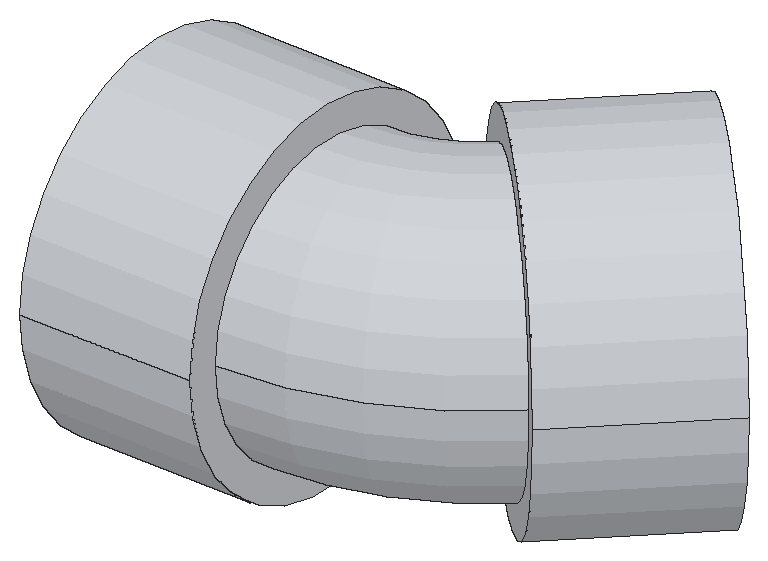
Revit family "Hydrantenfußbogen", category Rohrformteile, Revit 2020
Family settings
  Bemaßung runder Anschluss = Radius verwenden
  Teiletyp = Bogen
  OmniClass-Nummer = 23.60.30.11.14
  OmniClass-Titel = Pipework Fittings
  Arbeitsebenenbasiert = Nein
  Immer vertikal = Ja
  Beim Laden mit Abzugskörper schneiden = Nein
  Gemeinsam genutzt = Nein
Parameters (values of type "Standard")
  € [instance] = if(Nenndurchmesser = 100 mm, 388.67, 0)  # 388.67
  max d1d2d3 [instance] = Nenndurchmesser  # 100 mm
  kg [instance] = if(Nenndurchmesser = 100 mm, 18.80 kg, 0.00 kg)  # 18.80 kg
  Vorgabe-Ansicht = 0 mm
  Radius Muffe [instance] = size_lookup("PressConnector", "Rad1", 0.52 * Nenndurchmesser + 2.5 mm, Nenndurchmesser)  # 61 mm
  Oberfläche [instance] = none
  DN [instance] = Nenndurchmesser  # 100 mm
  Abruftabelle Bogen = "Bogen Edelstahl Press"  # constant formula
  Muffenlänge [instance] = size_lookup("PressConnector", "Lgt1", 0.46 * Nenndurchmesser + 16 mm, Nenndurchmesser)  # 60 mm
  Nennradius [instance] = 50 mm
  Nenndurchmesser [instance] = Nennradius * 2  # 100 mm
  Verlustberechnungsmethode = K-Koeffizient aus Tabelle
  K-Koeffizient-Tabelle = "Regular 45, 90 and 180 Elbow"
  Abstand Mittelpunkt Ende [instance] = Bogenradius * tan(Winkel / 2)  # 28.167 mm
  Bogenradius [instance] = if(not(Winkel > 1.00°), 45 mm, size_lookup(Abruftabelle Bogen, "CRad", 1.39 * Nenndurchmesser + 8.9 mm, Nenndurchmesser, Winkel))  # 68 mm
  Winkel [instance] = 45.00°
  # [instance] = if(Nenndurchmesser = 100 mm, "EN100EMNS", "-")  # "EN100EMNS"
Reference planes
  plane 1 "Mitte (Vorne/hinten)": y = 0
  plane 2: z = 0
  plane 3 "Mitte (Links/rechts)": x = 0
  plane 4: x = -28.167
  plane 5: y = 68
  plane 6: x = -88.167
  plane 7: y = 61
Forms (mm)
  Sweep 1, solid, material <- "Oberfläche", detail levels fine
    path in 3D
      loop
        line (-88.167, 0, 0) -> (-28.167, 0, 0)
    profile origin (-58.167, 0, 0) x (0, 1, 0) y (0, 0, 1)
      loop
        circle (0, 0) r 61
  Sweep 2, solid, material <- "Oberfläche", detail levels fine
    path in 3D
      loop
        arc (-28.167, 0, 0) -> (-2.144, 5.176, 0) -> (19.917, 19.917, 0) r 68
    profile origin (-2.144, 5.176, 0) x (-0.382683, 0.92388, 0) y (0, 0, 1)
      loop
        circle (0, 0) r 50
  Sweep 3, solid, material <- "Oberfläche", detail levels fine
    path in 3D
      loop
        line (19.917, 19.917, 0) -> (62.343, 62.343, 0)
    profile origin (41.13, 41.13, 0) x (-0.707107, 0.707107, 0) y (0, 0, 1)
      loop
        circle (0, 0) r 61
Lines and regions (mm)
  reference lines
    curve 1: line (-88.167, 0, 0) -> (-28.167, 0, 0)
    curve 2: arc (-28.167, 0, 0) -> (-2.144, 5.176, 0) -> (19.917, 19.917, 0) r 68
    curve 3: line (19.917, 19.917, 0) -> (62.343, 62.343, 0)
    curve 19: line (62.343, 62.343, 0) -> (19.21, 105.477, 0)
    curve 20: line (19.21, 105.477, 0) -> (5.067, 91.335, 0)
  sketch lines
    curve 4: line (-88.167, 0, 0) -> (-28.167, 0, 0)
    curve 5: arc (-28.167, 0, 0) -> (-2.144, 5.176, 0) -> (19.917, 19.917, 0) r 68
    curve 6: line (19.917, 19.917, 0) -> (62.343, 62.343, 0)
  model lines, detail levels coarse+medium
    curve 7: line (-88.167, 0, 0) -> (-28.167, 0, 0)
    curve 8: arc (-28.167, 0, 0) -> (-2.144, 5.176, 0) -> (19.917, 19.917, 0) r 68
    curve 9: line (19.917, 19.917, 0) -> (62.343, 62.343, 0)
    curve 10: line (-88.167, 50, 0) -> (-88.167, -50, 0)
    curve 11: line (26.988, 97.698, 0) -> (97.698, 26.988, 0)
  model lines, style "Symbol", detail levels coarse+medium
    curve 12: line (-88.167, 0, 0) -> (-28.167, 0, 0)
    curve 13: arc (-28.167, 0, 0) -> (-2.144, 5.176, 0) -> (19.917, 19.917, 0) r 68
    curve 14: line (19.917, 19.917, 0) -> (62.343, 62.343, 0)
    curve 15: line (-88.167, 0, 50) -> (-88.167, 0, -50)
    curve 16: line (-88.167, 50, 0) -> (-88.167, -50, 0)
    curve 17: line (26.988, 97.698, 0) -> (97.698, 26.988, 0)
    curve 18: line (62.343, 62.343, 50) -> (62.343, 62.343, -50)
Dimensions and locks
  "Abstand Mittelpunkt Ende": plane 4 to plane 3 "Mitte (Links/rechts)"
  "Bogenradius": plane 5 to plane 1 "Mitte (Vorne/hinten)"
  "Muffenlänge": plane 6 to plane 4
  "Muffenlänge": curve 3 to curve 3
  locked: plane 5 to curve 2
  locked: plane 4 to curve 2
  "Muffenlänge": curve 9 to curve 9
  equal spacing: curve 10, plane 1 "Mitte (Vorne/hinten)", curve 10
  "Nennradius": plane 1 "Mitte (Vorne/hinten)" to curve 10
  equal spacing: curve 11, curve 9, curve 11
  "Nennradius": curve 11 to curve 9
  "Muffenlänge": curve 14 to curve 14
  equal spacing: curve 15, plane 2, curve 15
  "Nennradius": curve 15 to plane 2
  equal spacing: curve 16, plane 1 "Mitte (Vorne/hinten)", curve 16
  "Nennradius": plane 1 "Mitte (Vorne/hinten)" to curve 16
  equal spacing: curve 17, curve 14, curve 17
  "Nennradius": curve 14 to curve 17
  locked: curve 14 to curve 18
  equal spacing: curve 18, curve 17, curve 18
  "Nennradius": curve 17 to curve 18
  "Radius Muffe": curve 19 to curve 19
  "Radius Muffe": plane 1 "Mitte (Vorne/hinten)" to plane 7
  "Bogenradius": radius of curve 2
  "Radius Muffe": radius of Sweep 1 sketch curve
  "Nennradius": radius of Sweep 2 sketch curve
  "Radius Muffe": radius of Sweep 3 sketch curve
  "Bogenradius": radius of curve 8
  "Bogenradius": radius of curve 13
  "Winkel": angle curve 2 to curve 2
  "Winkel": angle plane 1 "Mitte (Vorne/hinten)" to curve 3
  "Winkel": angle curve 8 to curve 8
  "Winkel": angle plane 1 "Mitte (Vorne/hinten)" to curve 9
  locked: curve 9 to curve 11 (angle 90.00°)
  "Winkel": angle curve 13 to curve 13
  "Winkel": angle plane 1 "Mitte (Vorne/hinten)" to curve 14
  angle curve 17 to curve 14 = 90.00°
  aligned and locked: plane 6 to curve 1
  aligned and locked: plane 1 "Mitte (Vorne/hinten)" to curve 1
  aligned and locked: plane 4 to curve 2
  aligned and locked: plane 6 to curve 7
  aligned and locked: plane 1 "Mitte (Vorne/hinten)" to curve 7
  aligned and locked: curve 10 to plane 6
  aligned and locked: plane 1 "Mitte (Vorne/hinten)" to curve 12
  aligned and locked: plane 4 to curve 13
  aligned and locked: curve 15 to plane 6
  aligned and locked: curve 16 to plane 6
  aligned and locked: curve 3 to curve 19
  aligned and locked: curve 19 to curve 20
Automatic sketch dimensions
  curve 20 to curve 19 = 0 mm
  curve 19 to curve 20 = 20 mm
  Sweep 1 sketch curve to profile plane = 0 mm  (x2)
  Sweep 2 sketch curve to profile plane = 0 mm
  profile plane to Sweep 2 sketch curve = 0 mm
  Sweep 3 sketch curve to profile plane = 0 mm
  profile plane to Sweep 3 sketch curve = 0 mm
  curve 19 to curve 3 = 0 mm
Connectors
  piping at (-88.167, 0, 0), diameter 100, driven by "Nennradius", driven by "Winkel"
    settings: on Sweep 1, index 1, connector inside diameter 40 mm, connector length 0 mm, flow factor 0, pipe flow 0.0 L/s, pressure drop 0.0 Pa, fitting loss kfactor 0, connector angle 45.00°, fixture units 0, engagement length 0 mm, angle of deflection 0.00°, flow configuration 0, flow direction 0, fitting loss method 0, system type 28, joint type 0, gender type 0, connector reference index 2, connector utility 0, adjustable connector no, is connector primary yes, connector description ""
  piping at (62.343, 62.343, 0), diameter 100, driven by "Nennradius", driven by "Winkel"
    settings: on Sweep 3, index 2, connector inside diameter 40 mm, connector length 0 mm, flow factor 0, pipe flow 0.0 L/s, pressure drop 0.0 Pa, fitting loss kfactor 0, connector angle 45.00°, fixture units 0, engagement length 0 mm, angle of deflection 0.00°, flow configuration 0, flow direction 0, fitting loss method 0, system type 28, joint type 0, gender type 0, connector reference index 1, connector utility 0, adjustable connector no, is connector primary no, connector description ""
